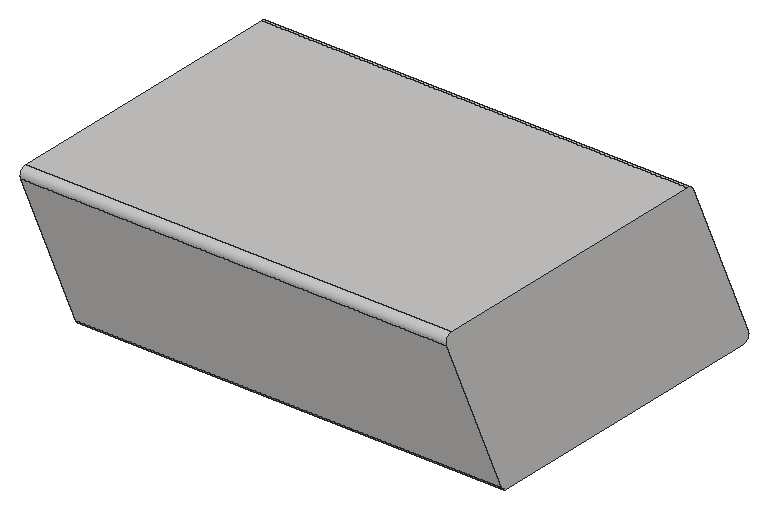
Revit family "NBS_DudleyIndustriesLimited_SntryTwlDpnsrs", category Furniture, host Face, Revit 2022
Family settings
  Host = Face
  Cut with Voids When Loaded = No
  Render Appearance Source = Family Geometry
  Shared = No
  Room Calculation Point = No
Parameters (values of type "FreeVendCompactSanitaryProductsDispenser")
  WarrantyStartDate [instance] = "1900-12-31T23:59:59"
  WarrantyGuarantorParts = "n/a"
  WarrantyGuarantorLabor = "n/a"
  WarrantyDurationUnit = "year"
  WarrantyDurationParts = "n/a"
  WarrantyDurationLabor = "n/a"
  WarrantyDescription = "Ten year"
  Version = "1"  # constant formula
  Uniclass2015Version = "Products v1.36"
  Uniclass2015Title = "Sanitary towel dispensers"
  Uniclass2015Code = "Pr_40_70_22_75"
  TagNumber [instance] = "n/a"
  SustainabilityPerformance = "n/a"
  Size = "n/a"
  Shape = "Rectangle"
  SerialNumber [instance] = "n/a"
  ReplacementCost = "n/a"
  ProductInformation = "https://source.thenbs.com/product/-/5fc0a8e3-d82a-4a39-b76d-6c4c68a286a0/6dd16f3e-2544-480e-acfb-b0e01cce5ca1"
  Operation = "Pull-out"
  NominalWidth = 0 mm
  NominalLength = 0 mm
  NominalHeight = 0 mm
  Name = "SanitaryTowelDispensers_FreeVendCompactSanitaryProductsDispenser_DudleyIndustriesLimited"
  NBSVariantId = "00000000-0000-0000-0000-000000000000"
  NBSObjectId = "5fc0a8e3-d82a-4a39-b76d-6c4c68a286a0"
  NBSInstanceId = "6dd16f3e-2544-480e-acfb-b0e01cce5ca1"
  ModelReference = "FreeVend Compact Sanitary Products Dispenser"
  ModelNumber = "n/a"
  MaterialsFinishAndColour = "Powder-coated, white,Powder-coated, black,Brushed stainless steel"
  MaterialsBody = "Stainless steel"
  Material = "Stainless steel"
  ManufacturerURL = "https://www.dudleyindustries.com/"
  ManufacturerName = "Dudley Industries Limited"  # constant formula
  Manufacturer = "sales@dudleyindustries.com"
  IntegralAccessories = "Adjustable internal columns.Adjustable vertical stop plate"
  InstallationDate [instance] = "1900-12-31T23:59:59"
  IfcExportType = "USERDEFINED"
  IfcExportAs = "IfcFurnitureType"
  Height = 287 mm  # constant formula
  Grade = "n/a"
  Form = "Wall-mounted"
  Finish = "Powder-coated,Brushed"
  Features = "n/a"
  ExpectedLife = "n/a"
  DurationUnit = "year"
  DispenserMaterial = NBS_DudleyIndustriesLimited_StainlessSteel_Brushed
  DimensionsWidth = "324 mm"
  DimensionsHeight = "287 mm"
  DimensionsDepth = "130 mm"
  Description = "Free-to-use general sanitary product dispenser featuring adjustable internal columns and vertical stop plates, designed to accommodate a wide range of sanitary products."
  Default Elevation = 800 mm
  Constituents = "n/a"
  Color = "n/a"
  CodePerformance = "n/a"
  Category = "Pr_40_70_22_75:Sanitary towel dispensers"
  BarCode [instance] = "n/a"
  BIMObjectName = "NBS_DudleyIndustriesLimited_SanitaryTowelDispensers_FreeVendCompactSanitaryProductsDispenser"
  Author = "NBS"  # constant formula
  AssetType = "Fixed"
  AssetIdentifier [instance] = "n/a"
  AccessibilityPerformance = "n/a"
Reference planes
  plane 1 "Bottom": y = 0
  plane 2 "Back": z = 0
  plane 3 "Center (Left/Right)": x = 0
  plane 4 "Left": x = -162
  plane 5 "Right": x = 162
  plane 6 "Top": y = 287
  plane 7 "Front": z = 130
Forms (mm)
  Extrusion 1, solid, material "NBS_DudleyIndustriesLimited_StainlessSteel_Brushed" <- "DispenserMaterial", detail levels medium+fine
    sketch origin (0, 0, 0) x (0, 1, 0) y (0, 0, 1)
      loop
        arc (282, 0) -> (286.186, 2.265) -> (286.579, 7.008) r 5
        line (286.579, 7.008) -> (233.964, 127.008)
        arc (233.964, 127.008) -> (232.12, 129.186) -> (229.385, 130) r 5
        line (229.385, 130) -> (5, 130)
        arc (5, 130) -> (0.814, 127.735) -> (0.421, 122.992) r 5
        line (0.421, 122.992) -> (53.036, 2.992)
        arc (53.036, 2.992) -> (54.88, 0.814) -> (57.615, 0) r 5
        line (57.615, 0) -> (282, 0)
    from -162 to 162
  Extrusion 2, solid, material "NBS_DudleyIndustriesLimited_StainlessSteel_Brushed" <- "DispenserMaterial", detail levels coarse
    sketch origin (0, 0, 0) x (0, 1, 0) y (0, 0, 1)
      loop
        line (287, 0) -> (230, 130) -> (0, 130) -> (57, 0) -> (287, 0)
    from -162 to 162
Lines and regions (mm)
  model lines, detail levels medium+fine
    curve 1: line (-162, 86, 130) -> (162, 86, 130)
  model lines, detail levels fine
    curve 2: arc (-162, 97, 94) -> (-162, 93, 90) -> (-162, 97, 86) r 4
    curve 3: arc (-162, 150, 86) -> (-162, 154, 90) -> (-162, 150, 94) r 4
    curve 4: line (-162, 150, 94) -> (-162, 97, 94)
    curve 5: line (-162, 97, 86) -> (-162, 150, 86)
    curve 6: arc (162, 97, 94) -> (162, 93, 90) -> (162, 97, 86) r 4
    curve 7: arc (162, 150, 86) -> (162, 154, 90) -> (162, 150, 94) r 4
    curve 8: line (162, 150, 94) -> (162, 97, 94)
    curve 9: line (162, 97, 86) -> (162, 150, 86)
    curve 10: line (-91.5, 116.5, 130) -> (-60.5, 116.5, 130)
    curve 11: line (-50.5, 126.5, 130) -> (-50.5, 189.5, 130)
    curve 12: line (-60.5, 199.5, 130) -> (-91.5, 199.5, 130)
    curve 13: line (-101.5, 189.5, 130) -> (-101.5, 126.5, 130)
    curve 14: arc (-101.5, 189.5, 130) -> (-98.571, 196.571, 130) -> (-91.5, 199.5, 130) r 10
    curve 15: arc (-60.5, 199.5, 130) -> (-53.429, 196.571, 130) -> (-50.5, 189.5, 130) r 10
    curve 16: arc (-50.5, 126.5, 130) -> (-53.429, 119.429, 130) -> (-60.5, 116.5, 130) r 10
    curve 17: arc (-91.5, 116.5, 130) -> (-98.571, 119.429, 130) -> (-101.5, 126.5, 130) r 10
    curve 18: line (91.5, 116.5, 130) -> (60.5, 116.5, 130)
    curve 19: line (50.5, 126.5, 130) -> (50.5, 189.5, 130)
    curve 20: line (60.5, 199.5, 130) -> (91.5, 199.5, 130)
    curve 21: line (101.5, 189.5, 130) -> (101.5, 126.5, 130)
    curve 22: arc (101.5, 189.5, 130) -> (98.571, 196.571, 130) -> (91.5, 199.5, 130) r 10
    curve 23: arc (60.5, 199.5, 130) -> (53.429, 196.571, 130) -> (50.5, 189.5, 130) r 10
    curve 24: arc (50.5, 126.5, 130) -> (53.429, 119.429, 130) -> (60.5, 116.5, 130) r 10
    curve 25: arc (91.5, 116.5, 130) -> (98.571, 119.429, 130) -> (101.5, 126.5, 130) r 10
Dimensions and locks
  aligned and locked: plane 2 "Back" to host face
  aligned and locked: level to host face
  aligned and locked: Extrusion 1 to plane 4 "Left"
  aligned and locked: Extrusion 1 to plane 5 "Right"
